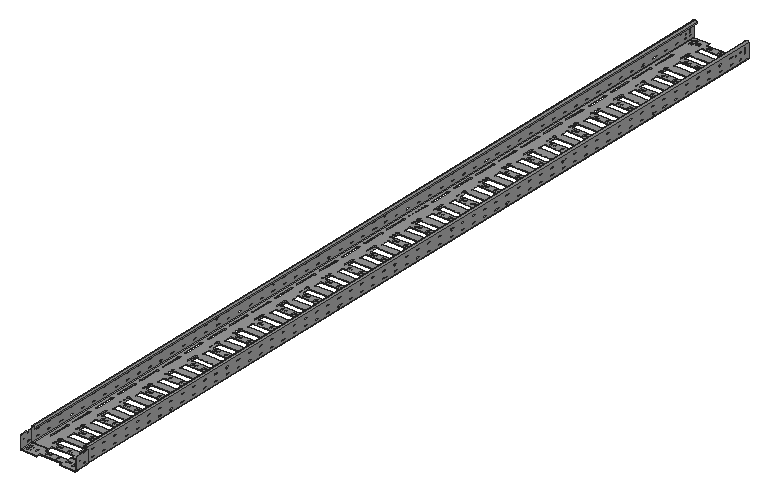
Revit family "MKSM Magic Kabelrinne 1 mm- MKSM 620 FT,FS", category Generic Models, Revit 2017 (continued)
Automatic sketch dimensions
  Extrusion 60 sketch curve to Extrusion 60 sketch curve = 13 mm
  Extrusion 61 sketch curve to Extrusion 61 sketch curve = 13 mm
  Extrusion 62 sketch curve to Extrusion 62 sketch curve = 13 mm
  Extrusion 63 sketch curve to Extrusion 63 sketch curve = 13 mm
  Extrusion 64 sketch curve to Extrusion 64 sketch curve = 13 mm
  Extrusion 65 sketch curve to Extrusion 65 sketch curve = 13 mm
  Extrusion 66 sketch curve to Extrusion 66 sketch curve = 13 mm
  Extrusion 67 sketch curve to Extrusion 67 sketch curve = 13 mm
  Extrusion 68 sketch curve to Extrusion 68 sketch curve = 13 mm
  Extrusion 69 sketch curve to Extrusion 69 sketch curve = 13 mm
  Extrusion 70 sketch curve to Extrusion 70 sketch curve = 13 mm
  Extrusion 71 sketch curve to Extrusion 71 sketch curve = 13 mm
  Extrusion 72 sketch curve to Extrusion 72 sketch curve = 13 mm
  Extrusion 73 sketch curve to Extrusion 73 sketch curve = 13 mm
  Extrusion 74 sketch curve to Extrusion 74 sketch curve = 13 mm
  Extrusion 75 sketch curve to Extrusion 75 sketch curve = 13 mm
  Extrusion 76 sketch curve to Extrusion 76 sketch curve = 13 mm
  Extrusion 78 sketch curve to Extrusion 78 sketch curve = 13 mm
  Extrusion 78 sketch curve to Extrusion 78 sketch curve = 3.5 mm
  Extrusion 77 sketch curve to Extrusion 77 sketch curve = 13 mm
  Extrusion 77 sketch curve to Extrusion 77 sketch curve = 3.5 mm
  Extrusion 79 sketch curve to Extrusion 79 sketch curve = 13 mm
  Extrusion 79 sketch curve to Extrusion 79 sketch curve = 3.5 mm
  Extrusion 80 sketch curve to Extrusion 80 sketch curve = 13 mm
  Extrusion 80 sketch curve to Extrusion 80 sketch curve = 3.5 mm
  Extrusion 81 sketch curve to Extrusion 81 sketch curve = 13 mm
  Extrusion 81 sketch curve to Extrusion 81 sketch curve = 3.5 mm
  Extrusion 82 sketch curve to Extrusion 82 sketch curve = 13 mm
  Extrusion 82 sketch curve to Extrusion 82 sketch curve = 3.5 mm
  Extrusion 83 sketch curve to Extrusion 83 sketch curve = 13 mm
  Extrusion 83 sketch curve to Extrusion 83 sketch curve = 3.5 mm
  Extrusion 84 sketch curve to Extrusion 84 sketch curve = 13 mm
  Extrusion 84 sketch curve to Extrusion 84 sketch curve = 3.5 mm
  Extrusion 85 sketch curve to Extrusion 85 sketch curve = 13 mm
  Extrusion 85 sketch curve to Extrusion 85 sketch curve = 3.5 mm
  Extrusion 86 sketch curve to Extrusion 86 sketch curve = 13 mm
  Extrusion 86 sketch curve to Extrusion 86 sketch curve = 3.5 mm
  Extrusion 87 sketch curve to Extrusion 87 sketch curve = 13 mm
  Extrusion 87 sketch curve to Extrusion 87 sketch curve = 3.5 mm
  Extrusion 88 sketch curve to Extrusion 88 sketch curve = 13 mm
  Extrusion 88 sketch curve to Extrusion 88 sketch curve = 3.5 mm
  Extrusion 89 sketch curve to Extrusion 89 sketch curve = 13 mm
  Extrusion 89 sketch curve to Extrusion 89 sketch curve = 3.5 mm
  Extrusion 90 sketch curve to Extrusion 90 sketch curve = 13 mm
  Extrusion 90 sketch curve to Extrusion 90 sketch curve = 3.5 mm
  Extrusion 91 sketch curve to Extrusion 91 sketch curve = 13 mm
  Extrusion 91 sketch curve to Extrusion 91 sketch curve = 3.5 mm
  Extrusion 92 sketch curve to Extrusion 92 sketch curve = 13 mm
  Extrusion 92 sketch curve to Extrusion 92 sketch curve = 3.5 mm
  Extrusion 93 sketch curve to Extrusion 93 sketch curve = 13 mm
  Extrusion 93 sketch curve to Extrusion 93 sketch curve = 3.5 mm
  Extrusion 94 sketch curve to Extrusion 94 sketch curve = 13 mm
  Extrusion 94 sketch curve to Extrusion 94 sketch curve = 3.5 mm
  Extrusion 95 sketch curve to Extrusion 95 sketch curve = 13 mm
  Extrusion 95 sketch curve to Extrusion 95 sketch curve = 3.5 mm
  Extrusion 96 sketch curve to Extrusion 96 sketch curve = 13 mm
  Extrusion 96 sketch curve to Extrusion 96 sketch curve = 3.5 mm
  Extrusion 97 sketch curve to Extrusion 97 sketch curve = 13 mm
  Extrusion 97 sketch curve to Extrusion 97 sketch curve = 3.5 mm
  Extrusion 98 sketch curve to Extrusion 98 sketch curve = 13 mm
  Extrusion 98 sketch curve to Extrusion 98 sketch curve = 3.5 mm
  Extrusion 99 sketch curve to Extrusion 99 sketch curve = 13 mm
  Extrusion 99 sketch curve to Extrusion 99 sketch curve = 3.5 mm
  Extrusion 100 sketch curve to Extrusion 100 sketch curve = 13 mm
  Extrusion 100 sketch curve to Extrusion 100 sketch curve = 3.5 mm
  Extrusion 101 sketch curve to Extrusion 101 sketch curve = 13 mm
  Extrusion 101 sketch curve to Extrusion 101 sketch curve = 3.5 mm
  Extrusion 102 sketch curve to Extrusion 102 sketch curve = 13 mm
  Extrusion 102 sketch curve to Extrusion 102 sketch curve = 3.5 mm
  Extrusion 103 sketch curve to Extrusion 103 sketch curve = 13 mm
  Extrusion 103 sketch curve to Extrusion 103 sketch curve = 3.5 mm
  Extrusion 104 sketch curve to Extrusion 104 sketch curve = 13 mm
  Extrusion 104 sketch curve to Extrusion 104 sketch curve = 3.5 mm
  Extrusion 105 sketch curve to Extrusion 105 sketch curve = 13 mm
  Extrusion 105 sketch curve to Extrusion 105 sketch curve = 3.5 mm
  Extrusion 106 sketch curve to Extrusion 106 sketch curve = 13 mm
  Extrusion 106 sketch curve to Extrusion 106 sketch curve = 3.5 mm
  Extrusion 107 sketch curve to Extrusion 107 sketch curve = 13 mm
  Extrusion 107 sketch curve to Extrusion 107 sketch curve = 3.5 mm
  Extrusion 108 sketch curve to Extrusion 108 sketch curve = 13 mm
  Extrusion 108 sketch curve to Extrusion 108 sketch curve = 3.5 mm
  Extrusion 109 sketch curve to Extrusion 109 sketch curve = 13 mm
  Extrusion 109 sketch curve to Extrusion 109 sketch curve = 3.5 mm
  Extrusion 110 sketch curve to Extrusion 110 sketch curve = 13 mm
  Extrusion 110 sketch curve to Extrusion 110 sketch curve = 3.5 mm
  Extrusion 111 sketch curve to Extrusion 111 sketch curve = 13 mm
  Extrusion 111 sketch curve to Extrusion 111 sketch curve = 3.5 mm
  Extrusion 112 sketch curve to Extrusion 112 sketch curve = 13 mm
  Extrusion 112 sketch curve to Extrusion 112 sketch curve = 3.5 mm
  Extrusion 113 sketch curve to Extrusion 113 sketch curve = 13 mm
  Extrusion 113 sketch curve to Extrusion 113 sketch curve = 3.5 mm
  Extrusion 114 sketch curve to Extrusion 114 sketch curve = 13 mm
  Extrusion 114 sketch curve to Extrusion 114 sketch curve = 3.5 mm
  Extrusion 115 sketch curve to Extrusion 115 sketch curve = 13 mm
  Extrusion 115 sketch curve to Extrusion 115 sketch curve = 3.5 mm
  Extrusion 116 sketch curve to Extrusion 116 sketch curve = 13 mm
  Extrusion 116 sketch curve to Extrusion 116 sketch curve = 3.5 mm
  Extrusion 117 sketch curve to Extrusion 117 sketch curve = 13 mm
  Extrusion 117 sketch curve to Extrusion 117 sketch curve = 3.5 mm
  Extrusion 118 sketch curve to Extrusion 118 sketch curve = 13 mm
  Extrusion 118 sketch curve to Extrusion 118 sketch curve = 3.5 mm
  Extrusion 119 sketch curve to Extrusion 119 sketch curve = 13 mm
  Extrusion 119 sketch curve to Extrusion 119 sketch curve = 3.5 mm
  Extrusion 120 sketch curve to Extrusion 120 sketch curve = 13 mm
  Extrusion 120 sketch curve to Extrusion 120 sketch curve = 3.5 mm
  Extrusion 121 sketch curve to Extrusion 121 sketch curve = 13 mm
  Extrusion 121 sketch curve to Extrusion 121 sketch curve = 3.5 mm
  Extrusion 122 sketch curve to Extrusion 122 sketch curve = 13 mm
  Extrusion 122 sketch curve to Extrusion 122 sketch curve = 3.5 mm
  Extrusion 123 sketch curve to Extrusion 123 sketch curve = 13 mm
  Extrusion 123 sketch curve to Extrusion 123 sketch curve = 3.5 mm
  Extrusion 124 sketch curve to Extrusion 124 sketch curve = 13 mm
  Extrusion 124 sketch curve to Extrusion 124 sketch curve = 3.5 mm
  Extrusion 125 sketch curve to Extrusion 125 sketch curve = 13 mm
  Extrusion 125 sketch curve to Extrusion 125 sketch curve = 3.5 mm
  Extrusion 126 sketch curve to Extrusion 126 sketch curve = 13 mm
  Extrusion 126 sketch curve to Extrusion 126 sketch curve = 3.5 mm
  Extrusion 127 sketch curve to Extrusion 127 sketch curve = 13 mm
  Extrusion 127 sketch curve to Extrusion 127 sketch curve = 3.5 mm
  Extrusion 128 sketch curve to Extrusion 128 sketch curve = 13 mm
  Extrusion 128 sketch curve to Extrusion 128 sketch curve = 3.5 mm
  Extrusion 129 sketch curve to Extrusion 129 sketch curve = 13 mm
  Extrusion 129 sketch curve to Extrusion 129 sketch curve = 3.5 mm
  Extrusion 130 sketch curve to Extrusion 130 sketch curve = 13 mm
  Extrusion 130 sketch curve to Extrusion 130 sketch curve = 3.5 mm
  Extrusion 131 sketch curve to Extrusion 131 sketch curve = 13 mm
  Extrusion 131 sketch curve to Extrusion 131 sketch curve = 3.5 mm
  Extrusion 132 sketch curve to Extrusion 132 sketch curve = 13 mm
  Extrusion 132 sketch curve to Extrusion 132 sketch curve = 3.5 mm
  Extrusion 133 sketch curve to Extrusion 133 sketch curve = 13 mm
  Extrusion 133 sketch curve to Extrusion 133 sketch curve = 3.5 mm
  Extrusion 134 sketch curve to Extrusion 134 sketch curve = 13 mm
  Extrusion 134 sketch curve to Extrusion 134 sketch curve = 3.5 mm
  Extrusion 137 sketch curve to Extrusion 137 sketch curve = 13 mm
  Extrusion 137 sketch curve to Extrusion 137 sketch curve = 3.5 mm
  Extrusion 195 sketch curve to Extrusion 195 sketch curve = 13 mm
  Extrusion 195 sketch curve to Extrusion 195 sketch curve = 3.5 mm
  Extrusion 196 sketch curve to Extrusion 196 sketch curve = 13 mm
  Extrusion 196 sketch curve to Extrusion 196 sketch curve = 3.5 mm
  Extrusion 197 sketch curve to Extrusion 197 sketch curve = 13 mm
  Extrusion 197 sketch curve to Extrusion 197 sketch curve = 3.5 mm
  Extrusion 198 sketch curve to Extrusion 198 sketch curve = 13 mm
  Extrusion 198 sketch curve to Extrusion 198 sketch curve = 3.5 mm
  Extrusion 199 sketch curve to Extrusion 199 sketch curve = 13 mm
  Extrusion 199 sketch curve to Extrusion 199 sketch curve = 3.5 mm
  Extrusion 200 sketch curve to Extrusion 200 sketch curve = 13 mm
  Extrusion 200 sketch curve to Extrusion 200 sketch curve = 3.5 mm
  Extrusion 201 sketch curve to Extrusion 201 sketch curve = 13 mm
  Extrusion 201 sketch curve to Extrusion 201 sketch curve = 3.5 mm
  Extrusion 202 sketch curve to Extrusion 202 sketch curve = 13 mm
  Extrusion 202 sketch curve to Extrusion 202 sketch curve = 3.5 mm
  Extrusion 203 sketch curve to Extrusion 203 sketch curve = 13 mm
  Extrusion 203 sketch curve to Extrusion 203 sketch curve = 3.5 mm
  Extrusion 204 sketch curve to Extrusion 204 sketch curve = 13 mm
  Extrusion 204 sketch curve to Extrusion 204 sketch curve = 3.5 mm
  Extrusion 205 sketch curve to Extrusion 205 sketch curve = 13 mm
  Extrusion 205 sketch curve to Extrusion 205 sketch curve = 3.5 mm
  Extrusion 206 sketch curve to Extrusion 206 sketch curve = 13 mm
  Extrusion 206 sketch curve to Extrusion 206 sketch curve = 3.5 mm
  Extrusion 207 sketch curve to Extrusion 207 sketch curve = 13 mm
  Extrusion 207 sketch curve to Extrusion 207 sketch curve = 3.5 mm
  Extrusion 208 sketch curve to Extrusion 208 sketch curve = 13 mm
  Extrusion 208 sketch curve to Extrusion 208 sketch curve = 3.5 mm
  Extrusion 209 sketch curve to Extrusion 209 sketch curve = 13 mm
  Extrusion 209 sketch curve to Extrusion 209 sketch curve = 3.5 mm
  Extrusion 210 sketch curve to Extrusion 210 sketch curve = 13 mm
  Extrusion 210 sketch curve to Extrusion 210 sketch curve = 3.5 mm
  Extrusion 211 sketch curve to Extrusion 211 sketch curve = 13 mm
  Extrusion 211 sketch curve to Extrusion 211 sketch curve = 3.5 mm
  Extrusion 212 sketch curve to Extrusion 212 sketch curve = 13 mm
  Extrusion 212 sketch curve to Extrusion 212 sketch curve = 3.5 mm
  Extrusion 213 sketch curve to Extrusion 213 sketch curve = 13 mm
  Extrusion 213 sketch curve to Extrusion 213 sketch curve = 3.5 mm
  Extrusion 214 sketch curve to Extrusion 214 sketch curve = 13 mm
  Extrusion 214 sketch curve to Extrusion 214 sketch curve = 3.5 mm
  Extrusion 215 sketch curve to Extrusion 215 sketch curve = 13 mm
  Extrusion 215 sketch curve to Extrusion 215 sketch curve = 3.5 mm
  Extrusion 216 sketch curve to Extrusion 216 sketch curve = 13 mm
  Extrusion 216 sketch curve to Extrusion 216 sketch curve = 3.5 mm
  Extrusion 217 sketch curve to Extrusion 217 sketch curve = 13 mm
  Extrusion 217 sketch curve to Extrusion 217 sketch curve = 3.5 mm
  Extrusion 218 sketch curve to Extrusion 218 sketch curve = 13 mm
  Extrusion 218 sketch curve to Extrusion 218 sketch curve = 3.5 mm
  Extrusion 219 sketch curve to Extrusion 219 sketch curve = 13 mm
  Extrusion 219 sketch curve to Extrusion 219 sketch curve = 3.5 mm
  Extrusion 220 sketch curve to Extrusion 220 sketch curve = 13 mm
  Extrusion 220 sketch curve to Extrusion 220 sketch curve = 3.5 mm
  Extrusion 221 sketch curve to Extrusion 221 sketch curve = 13 mm
  Extrusion 221 sketch curve to Extrusion 221 sketch curve = 3.5 mm
  Extrusion 222 sketch curve to Extrusion 222 sketch curve = 13 mm
  Extrusion 222 sketch curve to Extrusion 222 sketch curve = 3.5 mm
  Extrusion 223 sketch curve to Extrusion 223 sketch curve = 13 mm
  Extrusion 223 sketch curve to Extrusion 223 sketch curve = 3.5 mm
  Extrusion 224 sketch curve to Extrusion 224 sketch curve = 13 mm
  Extrusion 224 sketch curve to Extrusion 224 sketch curve = 3.5 mm
  Extrusion 225 sketch curve to Extrusion 225 sketch curve = 13 mm
  Extrusion 225 sketch curve to Extrusion 225 sketch curve = 3.5 mm
  Extrusion 226 sketch curve to Extrusion 226 sketch curve = 13 mm
  Extrusion 226 sketch curve to Extrusion 226 sketch curve = 3.5 mm
  Extrusion 227 sketch curve to Extrusion 227 sketch curve = 13 mm
  Extrusion 227 sketch curve to Extrusion 227 sketch curve = 3.5 mm
  Extrusion 228 sketch curve to Extrusion 228 sketch curve = 13 mm
  Extrusion 228 sketch curve to Extrusion 228 sketch curve = 3.5 mm
  Extrusion 229 sketch curve to Extrusion 229 sketch curve = 13 mm
  Extrusion 229 sketch curve to Extrusion 229 sketch curve = 3.5 mm
  Extrusion 230 sketch curve to Extrusion 230 sketch curve = 13 mm
  Extrusion 230 sketch curve to Extrusion 230 sketch curve = 3.5 mm
  Extrusion 231 sketch curve to Extrusion 231 sketch curve = 13 mm
  Extrusion 231 sketch curve to Extrusion 231 sketch curve = 3.5 mm
  Extrusion 232 sketch curve to Extrusion 232 sketch curve = 13 mm
  Extrusion 232 sketch curve to Extrusion 232 sketch curve = 3.5 mm
  Extrusion 233 sketch curve to Extrusion 233 sketch curve = 13 mm
  Extrusion 233 sketch curve to Extrusion 233 sketch curve = 3.5 mm
  Extrusion 234 sketch curve to Extrusion 234 sketch curve = 13 mm
  Extrusion 234 sketch curve to Extrusion 234 sketch curve = 3.5 mm
  Extrusion 235 sketch curve to Extrusion 235 sketch curve = 13 mm
  Extrusion 235 sketch curve to Extrusion 235 sketch curve = 3.5 mm
  Extrusion 236 sketch curve to Extrusion 236 sketch curve = 13 mm
  Extrusion 236 sketch curve to Extrusion 236 sketch curve = 3.5 mm
  Extrusion 237 sketch curve to Extrusion 237 sketch curve = 13 mm
  Extrusion 237 sketch curve to Extrusion 237 sketch curve = 3.5 mm
  Extrusion 238 sketch curve to Extrusion 238 sketch curve = 13 mm
  Extrusion 238 sketch curve to Extrusion 238 sketch curve = 3.5 mm
  Extrusion 239 sketch curve to Extrusion 239 sketch curve = 13 mm
  Extrusion 239 sketch curve to Extrusion 239 sketch curve = 3.5 mm
  Extrusion 240 sketch curve to Extrusion 240 sketch curve = 13 mm
  Extrusion 240 sketch curve to Extrusion 240 sketch curve = 3.5 mm
  Extrusion 241 sketch curve to Extrusion 241 sketch curve = 13 mm
  Extrusion 241 sketch curve to Extrusion 241 sketch curve = 3.5 mm
  Extrusion 242 sketch curve to Extrusion 242 sketch curve = 13 mm
  Extrusion 242 sketch curve to Extrusion 242 sketch curve = 3.5 mm
  Extrusion 243 sketch curve to Extrusion 243 sketch curve = 13 mm
  Extrusion 243 sketch curve to Extrusion 243 sketch curve = 3.5 mm
  Extrusion 244 sketch curve to Extrusion 244 sketch curve = 13 mm
  Extrusion 244 sketch curve to Extrusion 244 sketch curve = 3.5 mm
  Extrusion 245 sketch curve to Extrusion 245 sketch curve = 13 mm
  Extrusion 245 sketch curve to Extrusion 245 sketch curve = 3.5 mm
  Extrusion 246 sketch curve to Extrusion 246 sketch curve = 13 mm
  Extrusion 246 sketch curve to Extrusion 246 sketch curve = 3.5 mm
  Extrusion 247 sketch curve to Extrusion 247 sketch curve = 13 mm
  Extrusion 247 sketch curve to Extrusion 247 sketch curve = 3.5 mm
  Extrusion 248 sketch curve to Extrusion 248 sketch curve = 13 mm
  Extrusion 248 sketch curve to Extrusion 248 sketch curve = 3.5 mm
  Extrusion 249 sketch curve to Extrusion 249 sketch curve = 13 mm
  Extrusion 249 sketch curve to Extrusion 249 sketch curve = 3.5 mm
  Extrusion 250 sketch curve to Extrusion 250 sketch curve = 13 mm
  Extrusion 250 sketch curve to Extrusion 250 sketch curve = 3.5 mm
  Extrusion 253 sketch curve to Extrusion 253 sketch curve = 80 mm
  Extrusion 253 sketch curve to Extrusion 253 sketch curve = 25.42 mm
  Extrusion 1 sketch curve to Extrusion 1 sketch curve = 0 mm  (x4)
  Extrusion 1 sketch curve to level = 0 mm
  Extrusion 1 sketch curve to plane 4 = 0 mm
  Extrusion 1 sketch curve to plane 8 = 0 mm
  Extrusion 1 sketch curve to Extrusion 1 sketch curve = 1 mm  (x3)
  Extrusion 1 sketch curve to Extrusion 1 sketch curve = 0.5 mm  (x2)
  Extrusion 1 sketch curve to Extrusion 1 sketch curve = 1.5 mm
  level to Extrusion 1 sketch curve = 1 mm
  plane 7 to Extrusion 1 sketch curve = 2.968 mm
  plane 7 to Extrusion 1 sketch curve = 3.003 mm
  Extrusion 2 sketch curve to plane 11 = 0 mm
  Extrusion 2 sketch curve to level = 0 mm
  level to Extrusion 2 sketch curve = 2.45 mm
  Extrusion 2 sketch curve to plane 26 = 20.8 mm
  Extrusion 2 sketch curve to Extrusion 2 sketch curve = 1.8 mm  (x2)
  Extrusion 2 sketch curve to Extrusion 2 sketch curve = 0.05 mm  (x2)
  plane 27 to Extrusion 2 sketch curve = 16.5 mm
  Extrusion 2 sketch curve to Extrusion 2 sketch curve = 2.45 mm
  Extrusion 3 sketch curve to plane 12 = 5 mm
  Extrusion 4 sketch curve to plane 1 "Center (Front/Back)" = 0 mm
  Extrusion 5 sketch curve to plane 14 = 0 mm
  plane 18 to Extrusion 5 sketch curve = 2.245 mm
  Extrusion 5 sketch curve to plane 16 = 4.245 mm
  Extrusion 6 sketch curve to plane 18 = 0 mm
  plane 19 to Extrusion 6 sketch curve = 0 mm
  Extrusion 6 sketch curve to plane 20 = 0 mm  (x2)
  Extrusion 6 sketch curve to plane 15 = 1.024 mm
  Extrusion 6 sketch curve to Extrusion 6 sketch curve = 0.5 mm
  plane 20 to Extrusion 6 sketch curve = 1.5 mm
  Extrusion 6 sketch curve to plane 20 = 3.006 mm
  plane 40 to Extrusion 6 sketch curve = 0.359 mm
  Extrusion 7 sketch curve to plane 1 "Center (Front/Back)" = 0 mm
  Extrusion 7 sketch curve to Extrusion 7 sketch curve = 3.042 mm
  plane 40 to Extrusion 7 sketch curve = 0.407 mm
  Extrusion 8 sketch curve to plane 14 = 0 mm
  plane 18 to Extrusion 8 sketch curve = 2.26 mm
  plane 23 to Extrusion 9 sketch curve = 0 mm
  Extrusion 10 sketch curve to plane 18 = 0 mm
  Extrusion 10 sketch curve to plane 24 = 0 mm
  Extrusion 10 sketch curve to plane 25 = 0 mm
  Extrusion 10 sketch curve to plane 15 = 1.024 mm
  plane 18 to Extrusion 10 sketch curve = 0.54 mm
  plane 24 to Extrusion 10 sketch curve = 1.5 mm
  plane 25 to Extrusion 10 sketch curve = 3.009 mm
  plane 40 to Extrusion 10 sketch curve = 0.359 mm
  plane 40 to Extrusion 10 sketch curve = 0.316 mm
  plane 102 to Extrusion 10 sketch curve = 7.89 mm
  plane 21 to Extrusion 11 sketch curve = 0.68 mm  (x2)
  Extrusion 11 sketch curve to plane 26 = 8 mm
  Extrusion 11 sketch curve to plane 28 = 3.5 mm  (x2)
  Extrusion 11 sketch curve to Extrusion 11 sketch curve = 0 mm
  plane 15 to Extrusion 11 sketch curve = 0.92 mm  (x2)
  plane 18 to Extrusion 11 sketch curve = 6.52 mm  (x2)
  Extrusion 12 sketch curve to plane 28 = 3.5 mm  (x4)
  plane 15 to Extrusion 12 sketch curve = 0.931 mm  (x3)
  plane 34 to Extrusion 16 sketch curve = 4 mm
  Extrusion 16 sketch curve to plane 34 = 4 mm
  Extrusion 19 sketch curve to plane 43 = 6.5 mm
  plane 43 to Extrusion 19 sketch curve = 6.5 mm
  Extrusion 135 sketch curve to plane 102 = 0 mm
  Extrusion 135 sketch curve to plane 43 = 6.5 mm
  plane 43 to Extrusion 135 sketch curve = 6.5 mm
  plane 40 to Extrusion 135 sketch curve = 3.44 mm
  Extrusion 251 sketch curve to plane 106 = 0 mm
  plane 106 to Extrusion 251 sketch curve = 12.71 mm
  Extrusion 251 sketch curve to Extrusion 251 sketch curve = 1.308 mm  (x2)
  Extrusion 251 sketch curve to Extrusion 251 sketch curve = 1.559 mm  (x2)
  plane 1 "Center (Front/Back)" to Extrusion 252 sketch curve = 0 mm
  Extrusion 252 sketch curve to plane 107 = 0 mm
  Extrusion 252 sketch curve to Extrusion 252 sketch curve = 1.216 mm  (x2)
  Extrusion 252 sketch curve to plane 1 "Center (Front/Back)" = 1.449 mm  (x2)
  Extrusion 254 sketch curve to Extrusion 254 sketch curve = 2.5 mm  (x2)
  plane 102 to Extrusion 254 sketch curve = 0.44 mm
  Extrusion 254 sketch curve to Extrusion 254 sketch curve = 8.033 mm
  plane 23 to Extrusion 254 sketch curve = 1.4 mm
  Extrusion 254 sketch curve to plane 36 = 4.75 mm
  Extrusion 254 sketch curve to Extrusion 254 sketch curve = 8.25 mm
  plane 102 to Extrusion 255 sketch curve = 0.44 mm
  Extrusion 255 sketch curve to Extrusion 255 sketch curve = 8 mm  (x2)
  Extrusion 255 sketch curve to Extrusion 255 sketch curve = 2.5 mm
  plane 23 to Extrusion 255 sketch curve = 1.4 mm
  Extrusion 255 sketch curve to plane 36 = 4.75 mm
  Extrusion 255 sketch curve to Extrusion 255 sketch curve = 8.25 mm
  Extrusion 256 sketch curve to plane 36 = 4.75 mm
  Extrusion 256 sketch curve to plane 34 = 15 mm
  Extrusion 256 sketch curve to Extrusion 256 sketch curve = 8 mm  (x2)
  Extrusion 256 sketch curve to Extrusion 256 sketch curve = 2.5 mm
  plane 23 to Extrusion 256 sketch curve = 1.39 mm
  Extrusion 256 sketch curve to Extrusion 256 sketch curve = 8.25 mm
  Extrusion 257 sketch curve to Extrusion 257 sketch curve = 2.5 mm  (x2)
  Extrusion 257 sketch curve to plane 36 = 4.75 mm
  Extrusion 257 sketch curve to Extrusion 257 sketch curve = 8.26 mm
  Extrusion 258 sketch curve to plane 116 = 4.014 mm
  plane 116 to Extrusion 258 sketch curve = 4.014 mm
  Extrusion 258 sketch curve to Extrusion 258 sketch curve = 3.986 mm
  plane 41 to Extrusion 13 sketch curve = 0 mm
  Extrusion 13 sketch curve to plane 14 = 0.45 mm
  plane 41 to Extrusion 16 sketch curve = 0 mm
  Extrusion 16 sketch curve to plane 117 = 0.06 mm
  Extrusion 258 sketch curve to plane 117 = 0.56 mm
  Extrusion 261 sketch curve to plane 137 = 0 mm
  plane 30 to Extrusion 261 sketch curve = 0.879 mm
  Extrusion 261 sketch curve to Extrusion 261 sketch curve = 0.121 mm
  Extrusion 261 sketch curve to plane 118 = 0.557 mm
  Extrusion 261 sketch curve to Extrusion 261 sketch curve = 0.151 mm
  Extrusion 261 sketch curve to plane 125 = 0.013 mm
  Extrusion 261 sketch curve to plane 138 = 1.997 mm
  Extrusion 261 sketch curve to plane 138 = 1.005 mm
  Extrusion 261 sketch curve to plane 138 = 1.003 mm
  plane 138 to Extrusion 261 sketch curve = 1 mm  (x2)
  Extrusion 261 sketch curve to Extrusion 261 sketch curve = 1 mm
  plane 137 to Extrusion 261 sketch curve = 0.996 mm
  Extrusion 259 sketch curve to plane 126 = 0 mm
  Extrusion 259 sketch curve to Extrusion 259 sketch curve = 1 mm
  plane 126 to Extrusion 259 sketch curve = 1 mm
  plane 127 to Extrusion 259 sketch curve = 0.78 mm
  plane 118 to Extrusion 259 sketch curve = 0.222 mm
  plane 125 to Extrusion 259 sketch curve = 0.085 mm
  Extrusion 259 sketch curve to plane 122 = 1.7 mm
  Extrusion 259 sketch curve to plane 128 = 1.015 mm
  Extrusion 259 sketch curve to plane 128 = 1.116 mm
  Extrusion 259 sketch curve to plane 118 = 0.584 mm
  Extrusion 259 sketch curve to plane 128 = 0.927 mm
  Extrusion 259 sketch curve to plane 128 = 0.959 mm
  plane 130 to Extrusion 259 sketch curve = 1.004 mm
  Extrusion 260 sketch curve to plane 131 = 0 mm
  Extrusion 260 sketch curve to plane 133 = 0.017 mm
  Extrusion 260 sketch curve to plane 131 = 1 mm  (x2)
  plane 118 to Extrusion 260 sketch curve = 0.665 mm
  Extrusion 260 sketch curve to plane 134 = 1.714 mm
  Extrusion 260 sketch curve to plane 134 = 1.895 mm
  Extrusion 260 sketch curve to plane 125 = 0.325 mm
  plane 121 to Extrusion 260 sketch curve = 1.983 mm
  plane 135 to Extrusion 260 sketch curve = 0.41 mm
  plane 135 to Extrusion 260 sketch curve = 0.915 mm
  Extrusion 262 sketch curve to plane 142 = 0 mm
  Extrusion 262 sketch curve to plane 141 = 0.998 mm
  Extrusion 262 sketch curve to plane 125 = 0.159 mm
  plane 140 to Extrusion 262 sketch curve = 1.953 mm
  plane 140 to Extrusion 262 sketch curve = 1.41 mm
  plane 140 to Extrusion 262 sketch curve = 1.304 mm
  Extrusion 262 sketch curve to plane 140 = 0.991 mm
  Extrusion 262 sketch curve to plane 143 = 0.017 mm
  plane 143 to Extrusion 262 sketch curve = 0.983 mm  (x2)
  Extrusion 262 sketch curve to plane 118 = 0.685 mm
  Extrusion 262 sketch curve to Extrusion 262 sketch curve = 0.134 mm
  Extrusion 262 sketch curve to plane 141 = 0.286 mm
  Extrusion 262 sketch curve to plane 140 = 1 mm
  Extrusion 263 sketch curve to level = 0 mm  (x2)
  Extrusion 263 sketch curve to plane 149 = 0 mm
  Extrusion 263 sketch curve to plane 26 = 0 mm  (x2)
  Extrusion 263 sketch curve to plane 150 = 0 mm
  Extrusion 263 sketch curve to plane 145 = 0 mm
  Extrusion 263 sketch curve to Extrusion 263 sketch curve = 2.236 mm  (x2)
  plane 11 to Extrusion 263 sketch curve = 0.582 mm
  Extrusion 264 sketch curve to level = 0 mm  (x2)
  Extrusion 264 sketch curve to plane 149 = 0 mm
  Extrusion 264 sketch curve to plane 26 = 0 mm  (x2)
  Extrusion 264 sketch curve to plane 150 = 0 mm
  Extrusion 264 sketch curve to plane 145 = 0 mm
  Extrusion 264 sketch curve to Extrusion 264 sketch curve = 2.236 mm  (x2)
  plane 11 to Extrusion 264 sketch curve = 0.582 mm
  Extrusion 265 sketch curve to level = 0 mm  (x2)
  Extrusion 265 sketch curve to plane 157 = 0 mm
  Extrusion 265 sketch curve to plane 27 = 0 mm  (x2)
  Extrusion 265 sketch curve to plane 156 = 0 mm
  Extrusion 265 sketch curve to plane 145 = 0 mm
  plane 157 to Extrusion 265 sketch curve = 2.236 mm
  plane 11 to Extrusion 265 sketch curve = 0.582 mm
  Extrusion 265 sketch curve to plane 156 = 2.236 mm
  Extrusion 266 sketch curve to level = 0 mm  (x2)
  Extrusion 266 sketch curve to plane 157 = 0 mm
  Extrusion 266 sketch curve to plane 27 = 0 mm  (x2)
  Extrusion 266 sketch curve to plane 156 = 0 mm
  Extrusion 266 sketch curve to plane 145 = 0 mm
  plane 157 to Extrusion 266 sketch curve = 2.236 mm
  plane 11 to Extrusion 266 sketch curve = 0.582 mm
  Extrusion 266 sketch curve to plane 156 = 2.236 mm
  Extrusion 267 sketch curve to plane 162 = 9 mm
  Extrusion 267 sketch curve to Extrusion 267 sketch curve = 23 mm
  Extrusion 267 sketch curve to Extrusion 267 sketch curve = 0 mm
  Extrusion 267 sketch curve to Extrusion 267 sketch curve = 7 mm
  Extrusion 268 sketch curve to plane 163 = 9 mm
  Extrusion 268 sketch curve to Extrusion 268 sketch curve = 23 mm
  Extrusion 268 sketch curve to Extrusion 268 sketch curve = 0 mm
  Extrusion 268 sketch curve to Extrusion 268 sketch curve = 7 mm
  Extrusion 269 sketch curve to plane 164 = 9 mm
  Extrusion 269 sketch curve to Extrusion 269 sketch curve = 23 mm
  Extrusion 269 sketch curve to Extrusion 269 sketch curve = 0 mm
  Extrusion 269 sketch curve to Extrusion 269 sketch curve = 7 mm
  Extrusion 270 sketch curve to plane 167 = 9 mm
  Extrusion 270 sketch curve to Extrusion 270 sketch curve = 23 mm
  Extrusion 270 sketch curve to Extrusion 270 sketch curve = 0 mm
  Extrusion 270 sketch curve to Extrusion 270 sketch curve = 7 mm
  Extrusion 271 sketch curve to plane 168 = 9 mm
  Extrusion 271 sketch curve to Extrusion 271 sketch curve = 23 mm
  Extrusion 271 sketch curve to Extrusion 271 sketch curve = 0 mm
  Extrusion 271 sketch curve to Extrusion 271 sketch curve = 7 mm
  Extrusion 272 sketch curve to plane 169 = 9 mm
  Extrusion 272 sketch curve to Extrusion 272 sketch curve = 23 mm
  Extrusion 272 sketch curve to Extrusion 272 sketch curve = 0 mm
  Extrusion 272 sketch curve to Extrusion 272 sketch curve = 7 mm
  Extrusion 273 sketch curve to plane 170 = 9 mm
  Extrusion 273 sketch curve to Extrusion 273 sketch curve = 23 mm
  Extrusion 273 sketch curve to Extrusion 273 sketch curve = 0 mm
  Extrusion 273 sketch curve to Extrusion 273 sketch curve = 7 mm
  Extrusion 274 sketch curve to plane 171 = 9 mm
  Extrusion 274 sketch curve to Extrusion 274 sketch curve = 23 mm
  Extrusion 274 sketch curve to Extrusion 274 sketch curve = 0 mm
  Extrusion 274 sketch curve to Extrusion 274 sketch curve = 7 mm
  Extrusion 275 sketch curve to plane 172 = 9 mm
  Extrusion 275 sketch curve to Extrusion 275 sketch curve = 23 mm
  Extrusion 275 sketch curve to Extrusion 275 sketch curve = 0 mm
  Extrusion 275 sketch curve to Extrusion 275 sketch curve = 7 mm
  Extrusion 276 sketch curve to plane 173 = 9 mm
  Extrusion 276 sketch curve to Extrusion 276 sketch curve = 23 mm
  Extrusion 276 sketch curve to Extrusion 276 sketch curve = 0 mm
  Extrusion 276 sketch curve to Extrusion 276 sketch curve = 7 mm
  Extrusion 277 sketch curve to plane 174 = 9 mm
  Extrusion 277 sketch curve to Extrusion 277 sketch curve = 23 mm
  Extrusion 277 sketch curve to Extrusion 277 sketch curve = 0 mm
  Extrusion 277 sketch curve to Extrusion 277 sketch curve = 7 mm
  Extrusion 278 sketch curve to plane 175 = 9 mm
  Extrusion 278 sketch curve to Extrusion 278 sketch curve = 23 mm
  Extrusion 278 sketch curve to Extrusion 278 sketch curve = 0 mm
  Extrusion 278 sketch curve to Extrusion 278 sketch curve = 7 mm
  Extrusion 279 sketch curve to plane 176 = 9 mm
  Extrusion 279 sketch curve to Extrusion 279 sketch curve = 23 mm
  Extrusion 279 sketch curve to Extrusion 279 sketch curve = 0 mm
  Extrusion 279 sketch curve to Extrusion 279 sketch curve = 7 mm
  Extrusion 280 sketch curve to plane 177 = 9 mm
  Extrusion 280 sketch curve to Extrusion 280 sketch curve = 23 mm
  Extrusion 280 sketch curve to Extrusion 280 sketch curve = 0 mm
  Extrusion 280 sketch curve to Extrusion 280 sketch curve = 7 mm
  Extrusion 281 sketch curve to plane 178 = 9 mm
  Extrusion 281 sketch curve to Extrusion 281 sketch curve = 23 mm
  Extrusion 281 sketch curve to Extrusion 281 sketch curve = 0 mm
  Extrusion 281 sketch curve to Extrusion 281 sketch curve = 7 mm
  Extrusion 282 sketch curve to plane 179 = 9 mm
  Extrusion 282 sketch curve to Extrusion 282 sketch curve = 23 mm
  Extrusion 282 sketch curve to Extrusion 282 sketch curve = 0 mm
  Extrusion 282 sketch curve to Extrusion 282 sketch curve = 7 mm
  Extrusion 283 sketch curve to plane 180 = 9 mm
  Extrusion 283 sketch curve to Extrusion 283 sketch curve = 23 mm
  Extrusion 283 sketch curve to Extrusion 283 sketch curve = 0 mm
  Extrusion 283 sketch curve to Extrusion 283 sketch curve = 7 mm
  Extrusion 284 sketch curve to plane 181 = 9 mm
  Extrusion 284 sketch curve to Extrusion 284 sketch curve = 23 mm
  Extrusion 284 sketch curve to Extrusion 284 sketch curve = 0 mm
  Extrusion 284 sketch curve to Extrusion 284 sketch curve = 7 mm
  Extrusion 285 sketch curve to plane 182 = 9 mm
  Extrusion 285 sketch curve to Extrusion 285 sketch curve = 23 mm
  Extrusion 285 sketch curve to Extrusion 285 sketch curve = 0 mm
  Extrusion 285 sketch curve to Extrusion 285 sketch curve = 7 mm
  Extrusion 286 sketch curve to plane 183 = 9 mm
  Extrusion 286 sketch curve to Extrusion 286 sketch curve = 23 mm
  Extrusion 286 sketch curve to Extrusion 286 sketch curve = 0 mm
  Extrusion 286 sketch curve to Extrusion 286 sketch curve = 7 mm
  Extrusion 287 sketch curve to plane 184 = 9 mm
  Extrusion 287 sketch curve to Extrusion 287 sketch curve = 23 mm
  Extrusion 287 sketch curve to Extrusion 287 sketch curve = 0 mm
  Extrusion 287 sketch curve to Extrusion 287 sketch curve = 7 mm
  Extrusion 288 sketch curve to plane 185 = 9 mm
  Extrusion 288 sketch curve to Extrusion 288 sketch curve = 23 mm
  Extrusion 288 sketch curve to Extrusion 288 sketch curve = 0 mm
  Extrusion 288 sketch curve to Extrusion 288 sketch curve = 7 mm
  Extrusion 289 sketch curve to plane 186 = 9 mm
  Extrusion 289 sketch curve to Extrusion 289 sketch curve = 23 mm
  Extrusion 289 sketch curve to Extrusion 289 sketch curve = 0 mm
  Extrusion 289 sketch curve to Extrusion 289 sketch curve = 7 mm
  Extrusion 290 sketch curve to plane 187 = 9 mm
  Extrusion 290 sketch curve to Extrusion 290 sketch curve = 23 mm
  Extrusion 290 sketch curve to Extrusion 290 sketch curve = 0 mm
  Extrusion 290 sketch curve to Extrusion 290 sketch curve = 7 mm
  Extrusion 291 sketch curve to plane 188 = 9 mm
  Extrusion 291 sketch curve to Extrusion 291 sketch curve = 23 mm
  Extrusion 291 sketch curve to Extrusion 291 sketch curve = 0 mm
  Extrusion 291 sketch curve to Extrusion 291 sketch curve = 7 mm
  Extrusion 292 sketch curve to plane 189 = 9 mm
  Extrusion 292 sketch curve to Extrusion 292 sketch curve = 23 mm
  Extrusion 292 sketch curve to Extrusion 292 sketch curve = 0 mm
  Extrusion 292 sketch curve to Extrusion 292 sketch curve = 7 mm
  Extrusion 293 sketch curve to plane 190 = 9 mm
  Extrusion 293 sketch curve to Extrusion 293 sketch curve = 23 mm
  Extrusion 293 sketch curve to Extrusion 293 sketch curve = 0 mm
  Extrusion 293 sketch curve to Extrusion 293 sketch curve = 7 mm
  Extrusion 294 sketch curve to plane 191 = 9 mm
  Extrusion 294 sketch curve to Extrusion 294 sketch curve = 23 mm
  Extrusion 294 sketch curve to Extrusion 294 sketch curve = 0 mm
  Extrusion 294 sketch curve to Extrusion 294 sketch curve = 7 mm
  Extrusion 295 sketch curve to plane 192 = 9 mm
  Extrusion 295 sketch curve to Extrusion 295 sketch curve = 23 mm
  Extrusion 295 sketch curve to Extrusion 295 sketch curve = 0 mm
  Extrusion 295 sketch curve to Extrusion 295 sketch curve = 7 mm
  Extrusion 257 sketch curve to Extrusion 257 sketch curve = 8 mm
  Extrusion 301 sketch curve to Extrusion 301 sketch curve = 80 mm
  Extrusion 301 sketch curve to Extrusion 301 sketch curve = 25.42 mm
  Extrusion 300 sketch curve to Extrusion 300 sketch curve = 80 mm
  Extrusion 300 sketch curve to Extrusion 300 sketch curve = 25.42 mm
  Extrusion 302 sketch curve to Extrusion 302 sketch curve = 80 mm
  Extrusion 302 sketch curve to Extrusion 302 sketch curve = 25.42 mm
  Extrusion 303 sketch curve to Extrusion 303 sketch curve = 80 mm
  Extrusion 303 sketch curve to Extrusion 303 sketch curve = 25.42 mm
  Extrusion 304 sketch curve to Extrusion 304 sketch curve = 80 mm
  Extrusion 304 sketch curve to Extrusion 304 sketch curve = 25.42 mm
  Extrusion 305 sketch curve to Extrusion 305 sketch curve = 80 mm
  Extrusion 305 sketch curve to Extrusion 305 sketch curve = 25.42 mm
  Extrusion 306 sketch curve to Extrusion 306 sketch curve = 80 mm
  Extrusion 306 sketch curve to Extrusion 306 sketch curve = 25.42 mm
  Extrusion 307 sketch curve to Extrusion 307 sketch curve = 80 mm
  Extrusion 307 sketch curve to Extrusion 307 sketch curve = 25.42 mm
  Extrusion 308 sketch curve to Extrusion 308 sketch curve = 80 mm
  Extrusion 308 sketch curve to Extrusion 308 sketch curve = 25.42 mm
  Extrusion 309 sketch curve to Extrusion 309 sketch curve = 80 mm
  Extrusion 309 sketch curve to Extrusion 309 sketch curve = 25.42 mm
  Extrusion 310 sketch curve to Extrusion 310 sketch curve = 80 mm
  Extrusion 310 sketch curve to Extrusion 310 sketch curve = 25.42 mm
  Extrusion 311 sketch curve to Extrusion 311 sketch curve = 80 mm
  Extrusion 311 sketch curve to Extrusion 311 sketch curve = 25.42 mm
  Extrusion 312 sketch curve to Extrusion 312 sketch curve = 80 mm
  Extrusion 312 sketch curve to Extrusion 312 sketch curve = 25.42 mm
  Extrusion 313 sketch curve to Extrusion 313 sketch curve = 80 mm
  Extrusion 313 sketch curve to Extrusion 313 sketch curve = 25.42 mm
  Extrusion 314 sketch curve to Extrusion 314 sketch curve = 80 mm
  Extrusion 314 sketch curve to Extrusion 314 sketch curve = 25.42 mm
  Extrusion 315 sketch curve to Extrusion 315 sketch curve = 80 mm
  Extrusion 315 sketch curve to Extrusion 315 sketch curve = 25.42 mm
  Extrusion 316 sketch curve to Extrusion 316 sketch curve = 80 mm
  Extrusion 316 sketch curve to Extrusion 316 sketch curve = 25.42 mm
  Extrusion 317 sketch curve to Extrusion 317 sketch curve = 80 mm
  Extrusion 317 sketch curve to Extrusion 317 sketch curve = 25.42 mm
  Extrusion 318 sketch curve to Extrusion 318 sketch curve = 80 mm
  Extrusion 318 sketch curve to Extrusion 318 sketch curve = 25.42 mm
  Extrusion 319 sketch curve to Extrusion 319 sketch curve = 80 mm
  Extrusion 319 sketch curve to Extrusion 319 sketch curve = 25.42 mm
  Extrusion 320 sketch curve to Extrusion 320 sketch curve = 80 mm
  Extrusion 320 sketch curve to Extrusion 320 sketch curve = 25.42 mm
  Extrusion 321 sketch curve to Extrusion 321 sketch curve = 80 mm
  Extrusion 321 sketch curve to Extrusion 321 sketch curve = 25.42 mm
  Extrusion 322 sketch curve to Extrusion 322 sketch curve = 80 mm
  Extrusion 322 sketch curve to Extrusion 322 sketch curve = 25.42 mm
  Extrusion 323 sketch curve to Extrusion 323 sketch curve = 80 mm
  Extrusion 323 sketch curve to Extrusion 323 sketch curve = 25.42 mm
  Extrusion 324 sketch curve to Extrusion 324 sketch curve = 80 mm
  Extrusion 324 sketch curve to Extrusion 324 sketch curve = 25.42 mm
  Extrusion 325 sketch curve to Extrusion 325 sketch curve = 80 mm
  Extrusion 325 sketch curve to Extrusion 325 sketch curve = 25.42 mm
  Extrusion 326 sketch curve to Extrusion 326 sketch curve = 80 mm
  Extrusion 326 sketch curve to Extrusion 326 sketch curve = 25.42 mm
  Extrusion 327 sketch curve to Extrusion 327 sketch curve = 80 mm
  Extrusion 327 sketch curve to Extrusion 327 sketch curve = 25.42 mm
  Extrusion 329 sketch curve to Extrusion 329 sketch curve = 80 mm
  Extrusion 329 sketch curve to Extrusion 329 sketch curve = 25.42 mm
  Extrusion 328 sketch curve to Extrusion 328 sketch curve = 80 mm
  Extrusion 328 sketch curve to Extrusion 328 sketch curve = 25.42 mm
  Extrusion 330 sketch curve to Extrusion 330 sketch curve = 80 mm
  Extrusion 330 sketch curve to Extrusion 330 sketch curve = 25.42 mm
  Extrusion 331 sketch curve to Extrusion 331 sketch curve = 80 mm
  Extrusion 331 sketch curve to Extrusion 331 sketch curve = 25.42 mm
  Extrusion 332 sketch curve to Extrusion 332 sketch curve = 80 mm
  Extrusion 332 sketch curve to Extrusion 332 sketch curve = 25.42 mm
  Extrusion 333 sketch curve to Extrusion 333 sketch curve = 80 mm
  Extrusion 333 sketch curve to Extrusion 333 sketch curve = 25.42 mm
  Extrusion 334 sketch curve to Extrusion 334 sketch curve = 80 mm
  Extrusion 334 sketch curve to Extrusion 334 sketch curve = 25.42 mm
  Extrusion 335 sketch curve to Extrusion 335 sketch curve = 80 mm
  Extrusion 335 sketch curve to Extrusion 335 sketch curve = 25.42 mm
  Extrusion 336 sketch curve to Extrusion 336 sketch curve = 80 mm
  Extrusion 336 sketch curve to Extrusion 336 sketch curve = 25.42 mm
  Extrusion 337 sketch curve to Extrusion 337 sketch curve = 80 mm
  Extrusion 337 sketch curve to Extrusion 337 sketch curve = 25.42 mm
  Extrusion 338 sketch curve to Extrusion 338 sketch curve = 80 mm
  Extrusion 338 sketch curve to Extrusion 338 sketch curve = 25.42 mm
  Extrusion 339 sketch curve to Extrusion 339 sketch curve = 80 mm
  Extrusion 339 sketch curve to Extrusion 339 sketch curve = 25.42 mm
  Extrusion 340 sketch curve to Extrusion 340 sketch curve = 80 mm
  Extrusion 340 sketch curve to Extrusion 340 sketch curve = 25.42 mm
  Extrusion 341 sketch curve to Extrusion 341 sketch curve = 80 mm
  Extrusion 341 sketch curve to Extrusion 341 sketch curve = 25.42 mm
  Extrusion 342 sketch curve to Extrusion 342 sketch curve = 80 mm
  Extrusion 342 sketch curve to Extrusion 342 sketch curve = 25.42 mm
  Extrusion 343 sketch curve to Extrusion 343 sketch curve = 80 mm
  Extrusion 343 sketch curve to Extrusion 343 sketch curve = 25.42 mm
  Extrusion 344 sketch curve to Extrusion 344 sketch curve = 80 mm
  Extrusion 344 sketch curve to Extrusion 344 sketch curve = 25.42 mm
  Extrusion 345 sketch curve to Extrusion 345 sketch curve = 80 mm
  Extrusion 345 sketch curve to Extrusion 345 sketch curve = 25.42 mm
  Extrusion 346 sketch curve to Extrusion 346 sketch curve = 80 mm
  Extrusion 346 sketch curve to Extrusion 346 sketch curve = 25.42 mm
  Extrusion 347 sketch curve to Extrusion 347 sketch curve = 80 mm
  Extrusion 347 sketch curve to Extrusion 347 sketch curve = 25.42 mm
  Extrusion 348 sketch curve to Extrusion 348 sketch curve = 80 mm
  Extrusion 348 sketch curve to Extrusion 348 sketch curve = 25.42 mm
  Extrusion 349 sketch curve to Extrusion 349 sketch curve = 80 mm
  Extrusion 349 sketch curve to Extrusion 349 sketch curve = 25.42 mm
  Extrusion 350 sketch curve to Extrusion 350 sketch curve = 80 mm
  Extrusion 350 sketch curve to Extrusion 350 sketch curve = 25.42 mm
  Extrusion 351 sketch curve to Extrusion 351 sketch curve = 80 mm
  Extrusion 351 sketch curve to Extrusion 351 sketch curve = 25.42 mm
  Extrusion 352 sketch curve to Extrusion 352 sketch curve = 80 mm
  Extrusion 352 sketch curve to Extrusion 352 sketch curve = 25.42 mm
  Extrusion 353 sketch curve to Extrusion 353 sketch curve = 80 mm
  Extrusion 353 sketch curve to Extrusion 353 sketch curve = 25.42 mm
  Extrusion 354 sketch curve to Extrusion 354 sketch curve = 80 mm
  Extrusion 354 sketch curve to Extrusion 354 sketch curve = 25.42 mm
  Extrusion 355 sketch curve to Extrusion 355 sketch curve = 80 mm
  Extrusion 355 sketch curve to Extrusion 355 sketch curve = 25.42 mm
  Extrusion 356 sketch curve to Extrusion 356 sketch curve = 80 mm
  Extrusion 356 sketch curve to Extrusion 356 sketch curve = 25.42 mm
  Extrusion 357 sketch curve to Extrusion 357 sketch curve = 0 mm
  Extrusion 357 sketch curve to Extrusion 357 sketch curve = 30 mm  (x2)
  Extrusion 358 sketch curve to Extrusion 358 sketch curve = 0 mm
  Extrusion 358 sketch curve to Extrusion 358 sketch curve = 30 mm  (x2)
  Extrusion 359 sketch curve to Extrusion 359 sketch curve = 0 mm
  Extrusion 359 sketch curve to Extrusion 359 sketch curve = 30 mm  (x2)
  Extrusion 360 sketch curve to Extrusion 360 sketch curve = 0 mm
  Extrusion 360 sketch curve to Extrusion 360 sketch curve = 30 mm  (x2)
  Extrusion 361 sketch curve to Extrusion 361 sketch curve = 0 mm
  Extrusion 361 sketch curve to Extrusion 361 sketch curve = 30 mm  (x2)
  Extrusion 362 sketch curve to Extrusion 362 sketch curve = 0 mm
  Extrusion 362 sketch curve to Extrusion 362 sketch curve = 30 mm  (x2)
  Extrusion 363 sketch curve to Extrusion 363 sketch curve = 0 mm
  Extrusion 363 sketch curve to Extrusion 363 sketch curve = 30 mm  (x2)
  Extrusion 364 sketch curve to Extrusion 364 sketch curve = 0 mm
  Extrusion 364 sketch curve to Extrusion 364 sketch curve = 30 mm  (x2)
  Extrusion 365 sketch curve to Extrusion 365 sketch curve = 0 mm
  Extrusion 365 sketch curve to Extrusion 365 sketch curve = 30 mm  (x2)
  Extrusion 366 sketch curve to Extrusion 366 sketch curve = 0 mm
  Extrusion 366 sketch curve to Extrusion 366 sketch curve = 30 mm  (x2)
  Extrusion 367 sketch curve to Extrusion 367 sketch curve = 0 mm
  Extrusion 367 sketch curve to Extrusion 367 sketch curve = 30 mm  (x2)
  Extrusion 368 sketch curve to Extrusion 368 sketch curve = 0 mm
  Extrusion 368 sketch curve to Extrusion 368 sketch curve = 30 mm  (x2)
  Extrusion 369 sketch curve to Extrusion 369 sketch curve = 0 mm
  Extrusion 369 sketch curve to Extrusion 369 sketch curve = 30 mm  (x2)
  Extrusion 370 sketch curve to Extrusion 370 sketch curve = 0 mm
  Extrusion 370 sketch curve to Extrusion 370 sketch curve = 30 mm  (x2)
  Extrusion 371 sketch curve to Extrusion 371 sketch curve = 0 mm
  Extrusion 371 sketch curve to Extrusion 371 sketch curve = 30 mm  (x2)
  Extrusion 372 sketch curve to Extrusion 372 sketch curve = 0 mm
  Extrusion 372 sketch curve to Extrusion 372 sketch curve = 30 mm  (x2)
  Extrusion 373 sketch curve to Extrusion 373 sketch curve = 0 mm
  Extrusion 373 sketch curve to Extrusion 373 sketch curve = 30 mm  (x2)
  Extrusion 374 sketch curve to Extrusion 374 sketch curve = 0 mm
  Extrusion 374 sketch curve to Extrusion 374 sketch curve = 30 mm  (x2)
  Extrusion 375 sketch curve to Extrusion 375 sketch curve = 0 mm
  Extrusion 375 sketch curve to Extrusion 375 sketch curve = 30 mm  (x2)
  Extrusion 376 sketch curve to Extrusion 376 sketch curve = 0 mm
  Extrusion 376 sketch curve to Extrusion 376 sketch curve = 30 mm  (x2)
  Extrusion 377 sketch curve to Extrusion 377 sketch curve = 0 mm
  Extrusion 377 sketch curve to Extrusion 377 sketch curve = 30 mm  (x2)
  Extrusion 378 sketch curve to Extrusion 378 sketch curve = 0 mm
  Extrusion 378 sketch curve to Extrusion 378 sketch curve = 30 mm  (x2)
  Extrusion 379 sketch curve to Extrusion 379 sketch curve = 0 mm
  Extrusion 379 sketch curve to Extrusion 379 sketch curve = 30 mm  (x2)
  Extrusion 380 sketch curve to Extrusion 380 sketch curve = 0 mm
  Extrusion 380 sketch curve to Extrusion 380 sketch curve = 30 mm  (x2)
  Extrusion 381 sketch curve to Extrusion 381 sketch curve = 0 mm
  Extrusion 381 sketch curve to Extrusion 381 sketch curve = 30 mm  (x2)
  Extrusion 382 sketch curve to Extrusion 382 sketch curve = 0 mm
  Extrusion 382 sketch curve to Extrusion 382 sketch curve = 30 mm  (x2)
  Extrusion 383 sketch curve to Extrusion 383 sketch curve = 0 mm
  Extrusion 383 sketch curve to Extrusion 383 sketch curve = 30 mm  (x2)
  Extrusion 384 sketch curve to Extrusion 384 sketch curve = 0 mm
  Extrusion 384 sketch curve to Extrusion 384 sketch curve = 30 mm  (x2)
  Extrusion 385 sketch curve to Extrusion 385 sketch curve = 0 mm
  Extrusion 385 sketch curve to Extrusion 385 sketch curve = 30 mm  (x2)
  plane 39 to Extrusion 257 sketch curve = 14.9 mm
  Extrusion 387 sketch curve to Extrusion 387 sketch curve = 3.5 mm  (x2)
  Extrusion 387 sketch curve to Extrusion 387 sketch curve = 155 mm
  Extrusion 387 sketch curve to Extrusion 387 sketch curve = 0 mm
  Extrusion 387 sketch curve to Extrusion 387 sketch curve = 72 mm  (x2)
  Extrusion 388 sketch curve to Extrusion 388 sketch curve = 3.5 mm  (x2)
  Extrusion 388 sketch curve to Extrusion 388 sketch curve = 155 mm
  Extrusion 388 sketch curve to Extrusion 388 sketch curve = 0 mm
  Extrusion 388 sketch curve to Extrusion 388 sketch curve = 72 mm  (x2)
  Extrusion 389 sketch curve to Extrusion 389 sketch curve = 3.5 mm  (x2)
  Extrusion 389 sketch curve to Extrusion 389 sketch curve = 155 mm
  Extrusion 389 sketch curve to Extrusion 389 sketch curve = 0 mm
  Extrusion 389 sketch curve to Extrusion 389 sketch curve = 72 mm  (x2)
  Extrusion 390 sketch curve to Extrusion 390 sketch curve = 3.5 mm  (x2)
  Extrusion 390 sketch curve to Extrusion 390 sketch curve = 155 mm
  Extrusion 390 sketch curve to Extrusion 390 sketch curve = 0 mm
  Extrusion 390 sketch curve to Extrusion 390 sketch curve = 72 mm  (x2)
  Extrusion 391 sketch curve to Extrusion 391 sketch curve = 3.5 mm  (x2)
  Extrusion 391 sketch curve to Extrusion 391 sketch curve = 155 mm
  Extrusion 391 sketch curve to Extrusion 391 sketch curve = 0 mm
  Extrusion 391 sketch curve to Extrusion 391 sketch curve = 72 mm  (x2)
  Extrusion 392 sketch curve to Extrusion 392 sketch curve = 3.5 mm  (x2)
  Extrusion 392 sketch curve to Extrusion 392 sketch curve = 155 mm
  Extrusion 392 sketch curve to Extrusion 392 sketch curve = 0 mm
  Extrusion 392 sketch curve to Extrusion 392 sketch curve = 72 mm  (x2)
  Extrusion 393 sketch curve to Extrusion 393 sketch curve = 3.5 mm  (x2)
  Extrusion 393 sketch curve to Extrusion 393 sketch curve = 155 mm
  Extrusion 393 sketch curve to Extrusion 393 sketch curve = 0 mm
  Extrusion 393 sketch curve to Extrusion 393 sketch curve = 72 mm  (x2)
  Extrusion 394 sketch curve to Extrusion 394 sketch curve = 3.5 mm  (x2)
  Extrusion 394 sketch curve to Extrusion 394 sketch curve = 155 mm
  Extrusion 394 sketch curve to Extrusion 394 sketch curve = 0 mm
  Extrusion 394 sketch curve to Extrusion 394 sketch curve = 72 mm  (x2)
  Extrusion 395 sketch curve to Extrusion 395 sketch curve = 3.5 mm  (x2)
  Extrusion 395 sketch curve to Extrusion 395 sketch curve = 155 mm
  Extrusion 395 sketch curve to Extrusion 395 sketch curve = 0 mm
  Extrusion 395 sketch curve to Extrusion 395 sketch curve = 72 mm  (x2)
  Extrusion 396 sketch curve to Extrusion 396 sketch curve = 3.5 mm  (x2)
  Extrusion 396 sketch curve to Extrusion 396 sketch curve = 155 mm
  Extrusion 396 sketch curve to Extrusion 396 sketch curve = 0 mm
  Extrusion 396 sketch curve to Extrusion 396 sketch curve = 72 mm  (x2)
  Extrusion 397 sketch curve to Extrusion 397 sketch curve = 3.5 mm  (x2)
  Extrusion 397 sketch curve to Extrusion 397 sketch curve = 155 mm
  Extrusion 397 sketch curve to Extrusion 397 sketch curve = 0 mm
  Extrusion 397 sketch curve to Extrusion 397 sketch curve = 72 mm  (x2)
  Extrusion 398 sketch curve to Extrusion 398 sketch curve = 3.5 mm  (x2)
  Extrusion 398 sketch curve to Extrusion 398 sketch curve = 155 mm
  Extrusion 398 sketch curve to Extrusion 398 sketch curve = 0 mm
  Extrusion 398 sketch curve to Extrusion 398 sketch curve = 72 mm  (x2)
  Extrusion 399 sketch curve to Extrusion 399 sketch curve = 3.5 mm  (x2)
  Extrusion 399 sketch curve to Extrusion 399 sketch curve = 155 mm
  Extrusion 399 sketch curve to Extrusion 399 sketch curve = 0 mm
  Extrusion 399 sketch curve to Extrusion 399 sketch curve = 72 mm  (x2)
  Extrusion 400 sketch curve to Extrusion 400 sketch curve = 3.5 mm  (x2)
  Extrusion 400 sketch curve to Extrusion 400 sketch curve = 155 mm
  Extrusion 400 sketch curve to Extrusion 400 sketch curve = 0 mm
  Extrusion 400 sketch curve to Extrusion 400 sketch curve = 72 mm  (x2)
  Extrusion 401 sketch curve to Extrusion 401 sketch curve = 3.5 mm  (x2)
  Extrusion 401 sketch curve to Extrusion 401 sketch curve = 155 mm
  Extrusion 401 sketch curve to Extrusion 401 sketch curve = 0 mm
  Extrusion 401 sketch curve to Extrusion 401 sketch curve = 72 mm  (x2)
  Extrusion 402 sketch curve to Extrusion 402 sketch curve = 3.5 mm  (x2)
  Extrusion 402 sketch curve to Extrusion 402 sketch curve = 155 mm
  Extrusion 402 sketch curve to Extrusion 402 sketch curve = 0 mm
  Extrusion 402 sketch curve to Extrusion 402 sketch curve = 72 mm  (x2)
  Extrusion 403 sketch curve to Extrusion 403 sketch curve = 3.5 mm  (x2)
  Extrusion 403 sketch curve to Extrusion 403 sketch curve = 155 mm
  Extrusion 403 sketch curve to Extrusion 403 sketch curve = 0 mm
  Extrusion 403 sketch curve to Extrusion 403 sketch curve = 72 mm  (x2)
  Extrusion 404 sketch curve to Extrusion 404 sketch curve = 3.5 mm  (x2)
  Extrusion 404 sketch curve to Extrusion 404 sketch curve = 155 mm
  Extrusion 404 sketch curve to Extrusion 404 sketch curve = 0 mm
  Extrusion 404 sketch curve to Extrusion 404 sketch curve = 72 mm  (x2)
  Extrusion 405 sketch curve to Extrusion 405 sketch curve = 3.5 mm  (x2)
  Extrusion 405 sketch curve to Extrusion 405 sketch curve = 155 mm
  Extrusion 405 sketch curve to Extrusion 405 sketch curve = 0 mm
  Extrusion 405 sketch curve to Extrusion 405 sketch curve = 72 mm  (x2)
  Extrusion 406 sketch curve to Extrusion 406 sketch curve = 3.5 mm  (x2)
  Extrusion 406 sketch curve to Extrusion 406 sketch curve = 155 mm
  Extrusion 406 sketch curve to Extrusion 406 sketch curve = 0 mm
  Extrusion 406 sketch curve to Extrusion 406 sketch curve = 72 mm  (x2)
  Extrusion 407 sketch curve to Extrusion 407 sketch curve = 3.5 mm  (x2)
  Extrusion 407 sketch curve to Extrusion 407 sketch curve = 155 mm
  Extrusion 407 sketch curve to Extrusion 407 sketch curve = 0 mm
  Extrusion 407 sketch curve to Extrusion 407 sketch curve = 72 mm  (x2)
  Extrusion 408 sketch curve to Extrusion 408 sketch curve = 3.5 mm  (x2)
  Extrusion 408 sketch curve to Extrusion 408 sketch curve = 155 mm
  Extrusion 408 sketch curve to Extrusion 408 sketch curve = 0 mm
  Extrusion 408 sketch curve to Extrusion 408 sketch curve = 72 mm  (x2)
  Extrusion 409 sketch curve to Extrusion 409 sketch curve = 3.5 mm  (x2)
  Extrusion 409 sketch curve to Extrusion 409 sketch curve = 155 mm
  Extrusion 409 sketch curve to Extrusion 409 sketch curve = 0 mm
  Extrusion 409 sketch curve to Extrusion 409 sketch curve = 72 mm  (x2)
  Extrusion 410 sketch curve to Extrusion 410 sketch curve = 3.5 mm  (x2)
  Extrusion 410 sketch curve to Extrusion 410 sketch curve = 155 mm
  Extrusion 410 sketch curve to Extrusion 410 sketch curve = 0 mm
  Extrusion 410 sketch curve to Extrusion 410 sketch curve = 72 mm  (x2)
  Extrusion 411 sketch curve to Extrusion 411 sketch curve = 3.5 mm  (x2)
  Extrusion 411 sketch curve to Extrusion 411 sketch curve = 155 mm
  Extrusion 411 sketch curve to Extrusion 411 sketch curve = 0 mm
  Extrusion 411 sketch curve to Extrusion 411 sketch curve = 72 mm  (x2)
  Extrusion 412 sketch curve to Extrusion 412 sketch curve = 3.5 mm  (x2)
  Extrusion 412 sketch curve to Extrusion 412 sketch curve = 155 mm
  Extrusion 412 sketch curve to Extrusion 412 sketch curve = 0 mm
  Extrusion 412 sketch curve to Extrusion 412 sketch curve = 72 mm  (x2)
  Extrusion 413 sketch curve to Extrusion 413 sketch curve = 3.5 mm  (x2)
  Extrusion 413 sketch curve to Extrusion 413 sketch curve = 155 mm
  Extrusion 413 sketch curve to Extrusion 413 sketch curve = 0 mm
  Extrusion 413 sketch curve to Extrusion 413 sketch curve = 72 mm  (x2)
  Extrusion 414 sketch curve to Extrusion 414 sketch curve = 3.5 mm  (x2)
  Extrusion 414 sketch curve to Extrusion 414 sketch curve = 155 mm
  Extrusion 414 sketch curve to Extrusion 414 sketch curve = 0 mm
  Extrusion 414 sketch curve to Extrusion 414 sketch curve = 72 mm  (x2)
Types (3, lengths in mm): name | Material | Manufacturer Art.No. | GTIN | Article Type
  (no name) | Strip galvanised | "6059004" | "4012195829942" | "MKSM 620 FS"
  MKSM 620 FT | Hot-dip galvanised | "6059022" | "4012195830047" | "MKSM 620 FT"
  MKSM 620 FS | Strip galvanised | "6059004" | "4012195829942" | "MKSM 620 FS"
